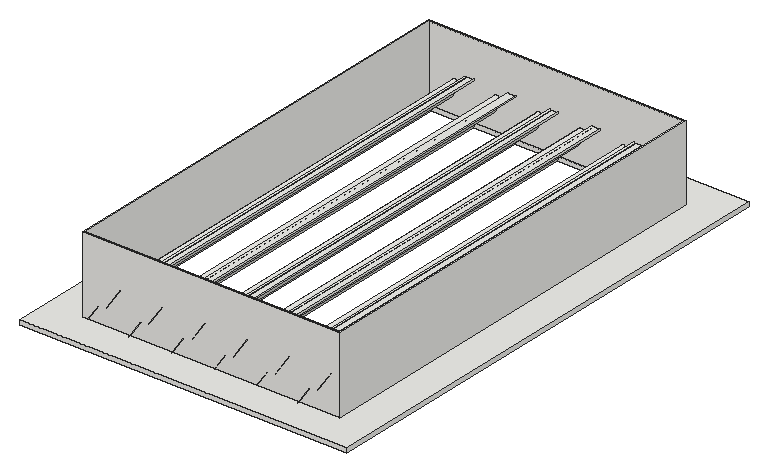
Revit family "MADEL_GRILL_EXTERNAL_BLADE 50_DXT", category Terminales de aire, Revit 2015
Parameters (values of type "DXT+CX 500x300")
  n_factor [instance] = 23.281  # constant formula
  m_factor = 1.8026  # constant formula
  correction_factor = 4.3812 * (log(Afree / 1.0000 m²) / log(2.7183)) + 0.0543  # -9.9354
  c_factor [instance] = 21.736  # constant formula
  b_factor = 0.73101  # constant formula
  Width_Connector = 500.0 mm
  Revit Version = "Revit 2015 - English"  # constant formula
  Review Date = "12/2016"  # constant formula
  R9010 [instance] = no
  Q [instance] = 1288.6 m³/h
  Product Type [instance] = Modelo  # "DXT+CX 500x300"
  Product Size = "500x300"
  Product Reference [instance] = if(not(H > L), if([(T)], if(Nº Options = 1, "DXT+CM (T)", if(PFX, if(Nº Options = 2, "DXT+PFX+CM (T)", "Consult Manufacturer"), "Consult Manufacturer")), if([(P)], if(Nº Options = 1, "DXT+CM (P)", if(PFX, if(Nº Options = 2, "DXT+PFX+CM (P)", "Consult Manufacturer"), "Consult Manufacturer")), "Consult Manufacturer")), if([(T)], if(Nº Options = 1, "EXT+CM (T)", if(PFX, if(Nº Options = 2, "EXT+PFX+CM (T)", "Consult Manufacturer"), "Consult Manufacturer")), if([(P)], if(Nº Options = 1, "EXT+CM (P)", if(PFX, if(Nº Options = 2, "EXT+PFX+CM (P)", "Consult Manufacturer"), "Consult Manufacturer")), "Consult Manufacturer")))  # "DXT+PFX+CM (T)"
  PFX [instance] = yes
  Nº Options [instance] = if([(P)], 1, 0) + if(PFX, 1, 0) + if([(T)], 1, 0)  # 2
  Nº Finishes [instance] = if(NAT, 1, 0) + if(AA, 1, 0) + if(R9010, 1, 0) + if(M9016, 1, 0)  # 1
  Nº  Blades = H / 50.0 mm  # 6
  N_Graphic lines = (H / 40.0 mm) - (L / 1.0 mm) + (L / 1.0 mm)  # 8
  Vmin = 2.5 m/s  # constant formula
  Vmed = 3.5 m/s  # constant formula
  Vmax = 4.5 m/s  # constant formula
  V[m/s] [instance] = Q / Afree / 1.0 m/s  # 3.5
  URL = "http://www.madel.com/en/producto/dxt-external-grilles-blade-50/"
  RAL [instance] = ""
  NAT [instance] = no
  Modelo = "DXT+CX 500x300"
  Material and finishes [instance] = if(and(NAT, Nº Finishes = 1), "NAT", if(and(AA, Nº Finishes = 1), "AA", if(and(M9016, Nº Finishes = 1), "M9016", if(and(R9010, Nº Finishes = 1), "R9010", if(Nº Finishes = 0, "Custom RAL", "Consult Manufacturer")))))  # "M9016"
  Material Grill = MADEL_M9016
  M9016 [instance] = yes
  Lw (dB(A)) [instance] = n_factor * (log([V[m/s]]) / log(2.7183)) + c_factor + correction_factor  # 40.9661
  L3 [instance] = if(PFX, L - 16.0 mm, L - 13.0 mm)  # 484.0 mm
  Height_Connector = 300.0 mm
  H2 = H1 / (N_Graphic lines + 1)  # 31.889 mm
  L1 [instance] = if(PFX, 85.0 mm, 62.0 mm)  # 85.0 mm
  L = 500.0 mm
  Imagen de tipo = (empty or 0)
  IfcExportType = "IfcAirTerminalType"  # constant formula
  IfcExportAs = "IfcAirTerminalType"  # constant formula
  H1 = H - 13.0 mm  # 287.0 mm
  H = 300.0 mm
  Flujo mín. = Vmin * Afree  # 920.43 m³/h
  Flujo máx. = Vmax * Afree  # 1656.77 m³/h
  Fabricante = "MADEL"  # constant formula
  Family Version = "1.0"  # constant formula
  Descripción = "MADEL_External grilles – blade 50"  # constant formula
  DPt [instance] = (10 ^ (log([V[m/s]]) * m_factor + b_factor)) * 1.0 Pa  # 51.4922 Pa
  Comentarios de tipo = "The DXT series grilles are designed to take in air from the exterior or to expel used air. The fixed blades, 50 mm pitch, are designed to prevent rain penetration. They are very strongly built and resistant to aggressive climatic conditions, for outdoor installation."  # constant formula
  Created by = "BIMETRICAL"  # constant formula
  Blade Lenght [instance] = L3  # 484.0 mm
  BIMETRICAL Category = "AirTerminal"  # constant formula
  BIMETRICAL = "http://www.bimetrical.com"  # constant formula
  Afree = ((L - 13.0 mm) * (42.0 mm * (Nº  Blades - 1)))  # 0.10227 m²
  AA [instance] = no
  (T) [instance] = yes
  (P) [instance] = if([(T)], 1 = 0, 1 = 1)  # no
Reference planes
  plane 1 "Centro (Frontal/Posterior)": z = 0
  plane 2: y = 435
  plane 3 "Centro (Izquierda/Derecha)": x = 0
  plane 4: x = -143.5
  plane 5: x = 143.5
  plane 6: y = 193
  plane 7: y = 677
  plane 8: z = 85
  plane 9: z = -5
  plane 10: x = -150.7
Forms (mm)
  Extrusion 1, solid, material "MADEL_M9016" <- "Material Grill", detail levels coarse
    sketch origin (0, 435, 5) x (1, 0, 0) y (0, 0, 1)
      loop
        line (143.5, -10) -> (143.5, 80) -> (-143.5, 80) -> (-143.5, -10) -> (143.5, -10)
    from -242 to 242
  Extrusion 2, solid, material "MADEL_M9016" <- "Material Grill"
    sketch origin (0, -1220, 0) x (1, 0, 0) y (0, 1, 0)
      loop
        line (-183.5, 1373) -> (183.5, 1373) -> (183.5, 1937) -> (-183.5, 1937) -> (-183.5, 1373)
      loop
        line (-143.5, 1897) -> (-143.5, 1413) -> (143.5, 1413) -> (143.5, 1897) -> (-143.5, 1897)
    from -5 to 0
  Extrusion 3, solid, material "MADEL_M9016" <- "Material Grill", detail levels medium+fine
    sketch origin (0, 0, 0) x (1, 0, 0) y (0, 1, 0)
      loop
        line (-143.5, 677) -> (-143.5, 193) -> (143.5, 193) -> (143.5, 677) -> (-143.5, 677)
      loop
        line (-144.7, 678.2) -> (-144.7, 191.8) -> (144.7, 191.8) -> (144.7, 678.2) -> (-144.7, 678.2)
    from 0 to 85
Dimensions and locks
  equal spacing: plane 5, plane 3 "Centro (Izquierda/Derecha)", plane 4
  "H1": plane 5 to plane 4
  equal spacing: plane 7, plane 2, plane 6
  "L3": plane 7 to plane 6
  "L1": plane 8 to plane 1 "Centro (Frontal/Posterior)"
  locked: plane 1 "Centro (Frontal/Posterior)" to plane 9 at 5
  locked: Extrusion 2 sketch curve to plane 4 at 40
  locked: Extrusion 2 sketch curve to plane 7 at 40
  locked: plane 5 to Extrusion 2 sketch curve at 40
  locked: plane 6 to Extrusion 2 sketch curve at 40
  "H2": plane 4 to nested 1
  equal spacing: group 1, group 3, group 4, group 5, group 10, group 12, group 13, group 2  (x3)
  "H2": nested 2 to plane 5
  locked: Extrusion 3 sketch curve to Extrusion 1 at 1.2  (x2)
  locked: Extrusion 1 to Extrusion 3 sketch curve at 1.2  (x2)
  locked: plane 4 to plane 10 at 7.2
  equal spacing: group 6, group 8, group 9, group 11, group 14, group 7  (x3)
  aligned and locked: plane 4 to Extrusion 1 sketch curve
  aligned and locked: Extrusion 1 sketch curve to plane 5
  aligned and locked: plane 8 to Extrusion 1
  aligned and locked: Extrusion 2 sketch curve to plane 7
  aligned and locked: Extrusion 2 sketch curve to plane 6
  aligned and locked: Extrusion 2 sketch curve to plane 4
  aligned and locked: plane 5 to Extrusion 2 sketch curve
  aligned and locked: Extrusion 2 to plane 9
  aligned and locked: Extrusion 2 to plane 1 "Centro (Frontal/Posterior)"
  aligned and locked: Extrusion 1 to plane 6
  aligned and locked: plane 7 to Extrusion 1
  aligned and locked: plane 6 to Extrusion 3 sketch curve
  aligned and locked: Extrusion 3 sketch curve to plane 5
  aligned and locked: plane 4 to Extrusion 3 sketch curve
  aligned and locked: Extrusion 3 sketch curve to plane 7
  aligned and locked: plane 8 to Extrusion 3
  aligned and locked: plane 1 "Centro (Frontal/Posterior)" to Extrusion 3
  aligned and locked: nested 6 to plane 10
  aligned and locked: plane 5 to nested 7
Automatic sketch dimensions
  Extrusion 1 sketch curve to plane 8 = 0.0 mm
  Extrusion 1 sketch curve to level = 5.0 mm
Nested families
  nested 1: "Grafismo Rejilla" at (-111.611, 435, 0) x (0, 1, 0) z (0, 0, 1), LL <- "L3", type "Linea"
    with LL 484.0 mm
  nested 2: "Grafismo Rejilla" at (111.611, 435, 0) x (0, 1, 0) z (0, 0, 1), LL <- "L3", type "Linea"
    with LL 484.0 mm
  nested 3: "Grafismo Rejilla" at (-79.722, 435, 0) x (0, 1, 0) z (0, 0, 1), LL <- "L3", type "Linea"
    with LL 484.0 mm
  nested 4: "Grafismo Rejilla" at (-47.833, 435, 0) x (0, 1, 0) z (0, 0, 1), LL <- "L3", type "Linea"
    with LL 484.0 mm
  nested 5: "Grafismo Rejilla" at (-15.944, 435, 0) x (0, 1, 0) z (0, 0, 1), LL <- "L3", type "Linea"
    with LL 484.0 mm
  nested 6: "MADEL_ALETA FIJA 50 mm" at (-150.7, 435, -6.5) x (0, -1, 0) z (0, 0, 1), Material Aletas <- "Material Grill", Longitud Aleta <- "Blade Lenght", type "MADEL_ALETA FIJA 50 mm", detail levels medium+fine
    with Material Aletas MADEL_M9016, Longitud Aleta 484.0 mm
  nested 7: "MADEL_ALETA FIJA 50 mm" at (86.252, 435, -6.5) x (0, -1, 0) z (0, 0, 1), Material Aletas <- "Material Grill", Longitud Aleta <- "Blade Lenght", type "MADEL_ALETA FIJA 50 mm", detail levels medium+fine
    with Material Aletas MADEL_M9016, Longitud Aleta 484.0 mm
  nested 8: "MADEL_ALETA FIJA 50 mm" at (-103.31, 435, -6.5) x (0, -1, 0) z (0, 0, 1), Material Aletas <- "Material Grill", Longitud Aleta <- "Blade Lenght", type "MADEL_ALETA FIJA 50 mm", detail levels medium+fine
    with Material Aletas MADEL_M9016, Longitud Aleta 484.0 mm
  nested 9: "MADEL_ALETA FIJA 50 mm" at (-55.919, 435, -6.5) x (0, -1, 0) z (0, 0, 1), Material Aletas <- "Material Grill", Longitud Aleta <- "Blade Lenght", type "MADEL_ALETA FIJA 50 mm", detail levels medium+fine
    with Material Aletas MADEL_M9016, Longitud Aleta 484.0 mm
  nested 10: "Grafismo Rejilla" at (15.944, 435, 0) x (0, 1, 0) z (0, 0, 1), LL <- "L3", type "Linea"
    with LL 484.0 mm
  nested 11: "MADEL_ALETA FIJA 50 mm" at (-8.529, 435, -6.5) x (0, -1, 0) z (0, 0, 1), Material Aletas <- "Material Grill", Longitud Aleta <- "Blade Lenght", type "MADEL_ALETA FIJA 50 mm", detail levels medium+fine
    with Material Aletas MADEL_M9016, Longitud Aleta 484.0 mm
  nested 12: "Grafismo Rejilla" at (47.833, 435, 0) x (0, 1, 0) z (0, 0, 1), LL <- "L3", type "Linea"
    with LL 484.0 mm
  nested 13: "Grafismo Rejilla" at (79.722, 435, 0) x (0, 1, 0) z (0, 0, 1), LL <- "L3", type "Linea"
    with LL 484.0 mm
  nested 14: "MADEL_ALETA FIJA 50 mm" at (38.862, 435, -6.5) x (0, -1, 0) z (0, 0, 1), Material Aletas <- "Material Grill", Longitud Aleta <- "Blade Lenght", type "MADEL_ALETA FIJA 50 mm", detail levels medium+fine
    with Material Aletas MADEL_M9016, Longitud Aleta 484.0 mm
Connectors
  hvac at (0, 435, 0), driven by "DPt", driven by "Q", driven by "Height_Connector", driven by "Width_Connector"
    settings: on Extrusion 2, index 2, duct flow 1288.6 m³/h, flow factor 0, pres drop 51.4922 Pa, loss coef 0, conn angle 0.00°, conn width 500 mm, conn height 300 mm, conn diameter 609.6 mm, duct sys type 1, conn prof type 1, flow config 1, flow direction 1, loss method 4, conn ref index -1, conn util no, is conn primary yes, conn desc ""
Definition of nested family "MADEL_ALETA FIJA 50 mm"
  Parameters (values of type "MADEL_ALETA FIJA 50 mm")
    Material Aletas [instance] = none
    Longitud Aleta [instance] = 1000.0 mm
  Reference planes
    plane 1 "Centro (Frontal/Posterior)": y = 0
    plane 2: z = 0
    plane 3 "Centro (Izquierda/Derecha)": x = 0
    plane 4: x = -500
    plane 5: x = 500
  Forms (mm)
    Extrusion 1, solid, material <- "Material Aletas"
      sketch origin (0, 6.801, -8.972) x (0, 1, 0) y (0, 0, 1)
        loop
          line (-6.801, 8.972) -> (1.199, 8.972) -> (17.823, 33.342) -> (25.823, 33.342) -> (42.447, 57.712) -> (50.447, 57.712) -> (50.447, 59.212) -> (41.654, 59.212) -> (34.375, 48.541)
          arc (34.375, 48.541) -> (33.275, 48.142) -> (32.55, 49.059) r 1
          arc (32.55, 49.059) -> (31.337, 51.502) -> (28.715, 52.251) r 3.375
          arc (28.715, 52.251) -> (28.075, 51.405) -> (28.921, 50.765) r 0.75
          arc (28.921, 50.765) -> (30.772, 49.896) -> (30.727, 47.851) r 1.875
          arc (30.727, 47.851) -> (28.84, 47.064) -> (27.355, 48.47) r 1.875
          arc (27.355, 48.47) -> (26.45, 49.024) -> (25.896, 48.12) r 0.75
          arc (25.896, 48.12) -> (27.551, 45.951) -> (30.267, 45.714) r 3.375
          arc (30.267, 45.714) -> (31.386, 45.373) -> (31.416, 44.204) r 1
          line (31.416, 44.204) -> (25.03, 34.842) -> (17.03, 34.842) -> (10.197, 24.826)
          arc (10.197, 24.826) -> (9.098, 24.427) -> (8.372, 25.344) r 1
          arc (8.372, 25.344) -> (7.16, 27.787) -> (4.537, 28.536) r 3.375
          arc (4.537, 28.536) -> (3.897, 27.69) -> (4.743, 27.05) r 0.75
          arc (4.743, 27.05) -> (6.594, 26.181) -> (6.55, 24.136) r 1.875
          arc (6.55, 24.136) -> (4.662, 23.349) -> (3.177, 24.755) r 1.875
          arc (3.177, 24.755) -> (2.273, 25.309) -> (1.719, 24.405) r 0.75
          arc (1.719, 24.405) -> (3.373, 22.236) -> (6.09, 21.999) r 3.375
          arc (6.09, 21.999) -> (7.209, 21.658) -> (7.239, 20.489) r 1
          line (7.239, 20.489) -> (0.406, 10.472) -> (-6.801, 10.472) -> (-6.801, 8.972)
      from -500 to 500
  Dimensions and locks
    equal spacing: plane 4, plane 3 "Centro (Izquierda/Derecha)", plane 5
    "Longitud Aleta": plane 4 to plane 5
    aligned and locked: level to plane 2
    aligned and locked: Extrusion 1 to plane 4
    aligned and locked: plane 5 to Extrusion 1
  Automatic sketch dimensions
    Extrusion 1 sketch curve to Extrusion 1 sketch curve = 0.0 mm  (x32)
    Extrusion 1 sketch curve to plane 1 "Centro (Frontal/Posterior)" = 0.0 mm
    Extrusion 1 sketch curve to level = 0.0 mm
    level to Extrusion 1 sketch curve = 1.5 mm
    Extrusion 1 sketch curve to plane 1 "Centro (Frontal/Posterior)" = 7.207 mm
    Extrusion 1 sketch curve to Extrusion 1 sketch curve = 0.793 mm  (x4)
    Extrusion 1 sketch curve to plane 1 "Centro (Frontal/Posterior)" = 9.25 mm
    Extrusion 1 sketch curve to Extrusion 1 sketch curve = 2.192 mm  (x2)
    Extrusion 1 sketch curve to Extrusion 1 sketch curve = 0.36 mm
    Extrusion 1 sketch curve to Extrusion 1 sketch curve = 1.412 mm  (x2)
    Extrusion 1 sketch curve to Extrusion 1 sketch curve = 0.826 mm  (x4)
    Extrusion 1 sketch curve to Extrusion 1 sketch curve = 4.371 mm  (x2)
    Extrusion 1 sketch curve to Extrusion 1 sketch curve = 6.833 mm
    Extrusion 1 sketch curve to Extrusion 1 sketch curve = 7.207 mm
    Extrusion 1 sketch curve to Extrusion 1 sketch curve = 1.596 mm
    Extrusion 1 sketch curve to Extrusion 1 sketch curve = 2.552 mm
    Extrusion 1 sketch curve to Extrusion 1 sketch curve = 7.279 mm
    Extrusion 1 sketch curve to Extrusion 1 sketch curve = 8.0 mm
    level to Extrusion 1 sketch curve = 11.516 mm
    Extrusion 1 sketch curve to Extrusion 1 sketch curve = 0.564 mm  (x4)
    Extrusion 1 sketch curve to Extrusion 1 sketch curve = 3.528 mm  (x2)
    Extrusion 1 sketch curve to Extrusion 1 sketch curve = 4.337 mm  (x2)
    Extrusion 1 sketch curve to Extrusion 1 sketch curve = 0.613 mm  (x2)
    Extrusion 1 sketch curve to Extrusion 1 sketch curve = 2.6 mm  (x2)
    Extrusion 1 sketch curve to Extrusion 1 sketch curve = 8.516 mm
    Extrusion 1 sketch curve to Extrusion 1 sketch curve = 1.5 mm  (x2)
    Extrusion 1 sketch curve to Extrusion 1 sketch curve = 9.362 mm
    Extrusion 1 sketch curve to Extrusion 1 sketch curve = 9.171 mm
    Extrusion 1 sketch curve to Extrusion 1 sketch curve = 0.729 mm  (x3)
    Extrusion 1 sketch curve to Extrusion 1 sketch curve = 0.103 mm  (x2)
    Extrusion 1 sketch curve to Extrusion 1 sketch curve = 1.549 mm  (x2)
Definition of nested family "Grafismo Rejilla"
  Parameters (values of type "Linea")
    LL [instance] = 1500.0 mm
  Reference planes
    plane 1 "Centro (Frontal/Posterior)": y = 0
    plane 2: z = 0
    plane 3 "Centro (Izquierda/Derecha)": x = 0
  Lines and regions (mm)
    symbolic lines
      curve 1: line (-750, 0, 0) -> (750, 0, 0)
  Dimensions and locks
    "LL": curve 1 to curve 1
    equal spacing: curve 1, plane 3 "Centro (Izquierda/Derecha)", curve 1
    aligned and locked: level to plane 2
  Automatic sketch dimensions
    plane 1 "Centro (Frontal/Posterior)" to curve 1 = 0.0 mm
Types (167, lengths in mm): name | correction_factor | Width_Connector | Q | Product Type | Product Size | Product Reference | Nº  Blades | N_Graphic lines | V[m/s] | Modelo | Lw (dB(A)) | L3 | Height_Connector | H2 | L | H1 | H | Flujo mín. | Flujo máx. | DPt | Blade Lenght | Afree
  DXT+CX 2000x1000 | 2.0739 | 2000.0 | 19978.9 m³/h | "DXT+CX 2000x1000" | "2000x1000" | "DXT+PFX+CM (T)" | 20 | 25 | 3.5 | "DXT+CX 2000x1000" | 52.9755 | 1984.0 | 1000.0 | 37.962 | 2000.0 | 987.0 | 1000.0 | 14270.6 m³/h | 25687.1 m³/h | 51.4922 Pa | 1984.0 | 1.58563 m²
  DXT+CX 2000x900 | 1.5866 | 2000.0 | 17875.8 m³/h | "DXT+CX 2000x900" | "2000x900" | "DXT+PFX+CM (T)" | 18 | 23 | 3.5 | "DXT+CX 2000x900" | 52.4882 | 1984.0 | 900.0 | 36.958 | 2000.0 | 887.0 | 900.0 | 12768.5 m³/h | 22983.2 m³/h | 51.4922 Pa | 1984.0 | 1.41872 m²
  DXT+CX 2000x800 | 1.0383 | 2000.0 | 15772.8 m³/h | "DXT+CX 2000x800" | "2000x800" | "DXT+PFX+CM (T)" | 16 | 20 | 3.5 | "DXT+CX 2000x800" | 51.9398 | 1984.0 | 800.0 | 37.476 | 2000.0 | 787.0 | 800.0 | 11266.3 m³/h | 20279.3 m³/h | 51.4922 Pa | 1984.0 | 1.25181 m²
  DXT+CX 2000x700 | 0.41132 | 2000.0 | 13669.8 m³/h | "DXT+CX 2000x700" | "2000x700" | "DXT+PFX+CM (T)" | 14 | 18 | 3.5 | "DXT+CX 2000x700" | 51.3129 | 1984.0 | 700.0 | 36.158 | 2000.0 | 687.0 | 700.0 | 9764.12 m³/h | 17575.4 m³/h | 51.4922 Pa | 1984.0 | 1.0849 m²
  DXT+CX 2000x600 | -0.32057 | 2000.0 | 11566.7 m³/h | "DXT+CX 2000x600" | "2000x600" | "DXT+PFX+CM (T)" | 12 | 15 | 3.5 | "DXT+CX 2000x600" | 50.581 | 1984.0 | 600.0 | 36.688 | 2000.0 | 587.0 | 600.0 | 8261.95 m³/h | 14871.5 m³/h | 51.4922 Pa | 1984.0 | 0.917994 m²
  DXT+CX 2000x500 | -1.1998 | 2000.0 | 9463.68 m³/h | "DXT+CX 2000x500" | "2000x500" | "DXT+PFX+CM (T)" | 10 | 13 | 3.5 | "DXT+CX 2000x500" | 49.7018 | 1984.0 | 500.0 | 34.786 | 2000.0 | 487.0 | 500.0 | 6759.77 m³/h | 12167.6 m³/h | 51.4922 Pa | 1984.0 | 0.751086 m²
  DXT+CX 2000x400 | -2.3008 | 2000.0 | 7360.64 m³/h | "DXT+CX 2000x400" | "2000x400" | "DXT+PFX+CM (T)" | 8 | 10 | 3.5 | "DXT+CX 2000x400" | 48.6008 | 1984.0 | 400.0 | 35.182 | 2000.0 | 387.0 | 400.0 | 5257.6 m³/h | 9463.68 m³/h | 51.4922 Pa | 1984.0 | 0.584178 m²
  DXT+CX 1750x1000 | 1.4848 | 1750.0 | 17465.2 m³/h | "DXT+CX 1750x1000" | "1750x1000" | "DXT+PFX+CM (T)" | 20 | 25 | 3.5 | "DXT+CX 1750x1000" | 52.3864 | 1734.0 | 1000.0 | 37.962 | 1750.0 | 987.0 | 1000.0 | 12475.1 m³/h | 22455.2 m³/h | 51.4922 Pa | 1734.0 | 1.38613 m²
  DXT+CX 1750x900 | 0.99752 | 1750.0 | 15626.7 m³/h | "DXT+CX 1750x900" | "1750x900" | "DXT+PFX+CM (T)" | 18 | 23 | 3.5 | "DXT+CX 1750x900" | 51.8991 | 1734.0 | 900.0 | 36.958 | 1750.0 | 887.0 | 900.0 | 11162 m³/h | 20091.5 m³/h | 51.4922 Pa | 1734.0 | 1.24022 m²
  DXT+CX 1750x800 | 0.44915 | 1750.0 | 13788.3 m³/h | "DXT+CX 1750x800" | "1750x800" | "DXT+PFX+CM (T)" | 16 | 20 | 3.5 | "DXT+CX 1750x800" | 51.3507 | 1734.0 | 800.0 | 37.476 | 1750.0 | 787.0 | 800.0 | 9848.79 m³/h | 17727.8 m³/h | 51.4922 Pa | 1734.0 | 1.09431 m²
  DXT+CX 1750x700 | -0.1778 | 1750.0 | 11949.9 m³/h | "DXT+CX 1750x700" | "1750x700" | "DXT+PFX+CM (T)" | 14 | 18 | 3.5 | "DXT+CX 1750x700" | 50.7238 | 1734.0 | 700.0 | 36.158 | 1750.0 | 687.0 | 700.0 | 8535.62 m³/h | 15364.1 m³/h | 51.4922 Pa | 1734.0 | 0.948402 m²
  DXT+CX 1750x600 | -0.9097 | 1750.0 | 10111.4 m³/h | "DXT+CX 1750x600" | "1750x600" | "DXT+PFX+CM (T)" | 12 | 15 | 3.5 | "DXT+CX 1750x600" | 49.9919 | 1734.0 | 600.0 | 36.688 | 1750.0 | 587.0 | 600.0 | 7222.45 m³/h | 13000.4 m³/h | 51.4922 Pa | 1734.0 | 0.802494 m²
  DXT+CX 1750x500 | -1.7889 | 1750.0 | 8272.98 m³/h | "DXT+CX 1750x500" | "1750x500" | "DXT+PFX+CM (T)" | 10 | 13 | 3.5 | "DXT+CX 1750x500" | 49.1127 | 1734.0 | 500.0 | 34.786 | 1750.0 | 487.0 | 500.0 | 5909.27 m³/h | 10636.7 m³/h | 51.4922 Pa | 1734.0 | 0.656586 m²
  DXT+CX 1750x400 | -2.8899 | 1750.0 | 6434.54 m³/h | "DXT+CX 1750x400" | "1750x400" | "DXT+PFX+CM (T)" | 8 | 10 | 3.5 | "DXT+CX 1750x400" | 48.0116 | 1734.0 | 400.0 | 35.182 | 1750.0 | 387.0 | 400.0 | 4596.1 m³/h | 8272.98 m³/h | 51.4922 Pa | 1734.0 | 0.510678 m²
  DXT+CX 1500x1000 | 0.80398 | 1500.0 | 14951.5 m³/h | "DXT+CX 1500x1000" | "1500x1000" | "DXT+PFX+CM (T)" | 20 | 25 | 3.5 | "DXT+CX 1500x1000" | 51.7056 | 1484.0 | 1000.0 | 37.962 | 1500.0 | 987.0 | 1000.0 | 10679.6 m³/h | 19223.3 m³/h | 51.4922 Pa | 1484.0 | 1.18663 m²
  DXT+CX 1500x900 | 0.31668 | 1500.0 | 13377.6 m³/h | "DXT+CX 1500x900" | "1500x900" | "DXT+PFX+CM (T)" | 18 | 23 | 3.5 | "DXT+CX 1500x900" | 51.2183 | 1484.0 | 900.0 | 36.958 | 1500.0 | 887.0 | 900.0 | 9555.46 m³/h | 17199.8 m³/h | 51.4922 Pa | 1484.0 | 1.06172 m²
  DXT+CX 1500x800 | -0.23168 | 1500.0 | 11803.8 m³/h | "DXT+CX 1500x800" | "1500x800" | "DXT+PFX+CM (T)" | 16 | 20 | 3.5 | "DXT+CX 1500x800" | 50.6699 | 1484.0 | 800.0 | 37.476 | 1500.0 | 787.0 | 800.0 | 8431.29 m³/h | 15176.3 m³/h | 51.4922 Pa | 1484.0 | 0.93681 m²
  DXT+CX 1500x700 | -0.85864 | 1500.0 | 10230 m³/h | "DXT+CX 1500x700" | "1500x700" | "DXT+PFX+CM (T)" | 14 | 18 | 3.5 | "DXT+CX 1500x700" | 50.0429 | 1484.0 | 700.0 | 36.158 | 1500.0 | 687.0 | 700.0 | 7307.12 m³/h | 13152.8 m³/h | 51.4922 Pa | 1484.0 | 0.811902 m²
  DXT+CX 1500x600 | -1.5905 | 1500.0 | 8656.12 m³/h | "DXT+CX 1500x600" | "1500x600" | "DXT+PFX+CM (T)" | 12 | 15 | 3.5 | "DXT+CX 1500x600" | 49.311 | 1484.0 | 600.0 | 36.688 | 1500.0 | 587.0 | 600.0 | 6182.95 m³/h | 11129.3 m³/h | 51.4922 Pa | 1484.0 | 0.686994 m²
  DXT+CX 1500x500 | -2.4697 | 1500.0 | 7082.28 m³/h | "DXT+CX 1500x500" | "1500x500" | "DXT+PFX+CM (T)" | 10 | 13 | 3.5 | "DXT+CX 1500x500" | 48.4319 | 1484.0 | 500.0 | 34.786 | 1500.0 | 487.0 | 500.0 | 5058.77 m³/h | 9105.79 m³/h | 51.4922 Pa | 1484.0 | 0.562086 m²
  DXT+CX 1500x400 | -3.5708 | 1500.0 | 5508.44 m³/h | "DXT+CX 1500x400" | "1500x400" | "DXT+PFX+CM (T)" | 8 | 10 | 3.5 | "DXT+CX 1500x400" | 47.3308 | 1484.0 | 400.0 | 35.182 | 1500.0 | 387.0 | 400.0 | 3934.6 m³/h | 7082.28 m³/h | 51.4922 Pa | 1484.0 | 0.437178 m²
  DXT+CX 1500x300 | -5.0449 | 1500.0 | 3934.6 m³/h | "DXT+CX 1500x300" | "1500x300" | "DXT+PFX+CM (T)" | 6 | 8 | 3.5 | "DXT+CX 1500x300" | 45.8567 | 1484.0 | 300.0 | 31.889 | 1500.0 | 287.0 | 300.0 | 2810.43 m³/h | 5058.77 m³/h | 51.4922 Pa | 1484.0 | 0.31227 m²
  DXT+CX 1500x200 | -7.283 | 1500.0 | 2360.76 m³/h | "DXT+CX 1500x200" | "1500x200" | "DXT+PFX+CM (T)" | 4 | 5 | 3.5 | "DXT+CX 1500x200" | 43.6186 | 1484.0 | 200.0 | 31.167 | 1500.0 | 187.0 | 200.0 | 1686.26 m³/h | 3035.26 m³/h | 51.4922 Pa | 1484.0 | 0.187362 m²
  DXT+CX 1250x900 | -0.48977 | 1250.0 | 11128.5 m³/h | "DXT+CX 1250x900" | "1250x900" | "DXT+PFX+CM (T)" | 18 | 23 | 3.5 | "DXT+CX 1250x900" | 50.4118 | 1234.0 | 900.0 | 36.958 | 1250.0 | 887.0 | 900.0 | 7948.96 m³/h | 14308.1 m³/h | 51.4922 Pa | 1234.0 | 0.883218 m²
  DXT+CX 1250x800 | -1.0381 | 1250.0 | 9819.31 m³/h | "DXT+CX 1250x800" | "1250x800" | "DXT+PFX+CM (T)" | 16 | 20 | 3.5 | "DXT+CX 1250x800" | 49.8634 | 1234.0 | 800.0 | 37.476 | 1250.0 | 787.0 | 800.0 | 7013.79 m³/h | 12624.8 m³/h | 51.4922 Pa | 1234.0 | 0.77931 m²
  DXT+CX 1250x700 | -1.6651 | 1250.0 | 8510.07 m³/h | "DXT+CX 1250x700" | "1250x700" | "DXT+PFX+CM (T)" | 14 | 18 | 3.5 | "DXT+CX 1250x700" | 49.2365 | 1234.0 | 700.0 | 36.158 | 1250.0 | 687.0 | 700.0 | 6078.62 m³/h | 10941.5 m³/h | 51.4922 Pa | 1234.0 | 0.675402 m²
  DXT+CX 1250x600 | -2.397 | 1250.0 | 7200.82 m³/h | "DXT+CX 1250x600" | "1250x600" | "DXT+PFX+CM (T)" | 12 | 15 | 3.5 | "DXT+CX 1250x600" | 48.5046 | 1234.0 | 600.0 | 36.688 | 1250.0 | 587.0 | 600.0 | 5143.45 m³/h | 9258.2 m³/h | 51.4922 Pa | 1234.0 | 0.571494 m²
  DXT+CX 1250x500 | -3.2762 | 1250.0 | 5891.58 m³/h | "DXT+CX 1250x500" | "1250x500" | "DXT+PFX+CM (T)" | 10 | 13 | 3.5 | "DXT+CX 1250x500" | 47.6254 | 1234.0 | 500.0 | 34.786 | 1250.0 | 487.0 | 500.0 | 4208.27 m³/h | 7574.89 m³/h | 51.4922 Pa | 1234.0 | 0.467586 m²
  DXT+CX 1250x400 | -4.3772 | 1250.0 | 4582.34 m³/h | "DXT+CX 1250x400" | "1250x400" | "DXT+PFX+CM (T)" | 8 | 10 | 3.5 | "DXT+CX 1250x400" | 46.5243 | 1234.0 | 400.0 | 35.182 | 1250.0 | 387.0 | 400.0 | 3273.1 m³/h | 5891.58 m³/h | 51.4922 Pa | 1234.0 | 0.363678 m²
  DXT+CX 1250x300 | -5.8514 | 1250.0 | 3273.1 m³/h | "DXT+CX 1250x300" | "1250x300" | "DXT+PFX+CM (T)" | 6 | 8 | 3.5 | "DXT+CX 1250x300" | 45.0502 | 1234.0 | 300.0 | 31.889 | 1250.0 | 287.0 | 300.0 | 2337.93 m³/h | 4208.27 m³/h | 51.4922 Pa | 1234.0 | 0.25977 m²
  DXT+CX 1250x200 | -8.0894 | 1250.0 | 1963.86 m³/h | "DXT+CX 1250x200" | "1250x200" | "DXT+PFX+CM (T)" | 4 | 5 | 3.5 | "DXT+CX 1250x200" | 42.8122 | 1234.0 | 200.0 | 31.167 | 1250.0 | 187.0 | 200.0 | 1402.76 m³/h | 2524.96 m³/h | 51.4922 Pa | 1234.0 | 0.155862 m²
  DXT+CX 1250x1000 | -0.0024698 | 1250.0 | 12437.8 m³/h | "DXT+CX 1250x1000" | "1250x1000" | "DXT+PFX+CM (T)" | 20 | 25 | 3.5 | "DXT+CX 1250x1000" | 50.8991 | 1234.0 | 1000.0 | 37.962 | 1250.0 | 987.0 | 1000.0 | 8884.13 m³/h | 15991.4 m³/h | 51.4922 Pa | 1234.0 | 0.987126 m²
  DXT+CX 1000x1000 | -0.99163 | 1000.0 | 9924.09 m³/h | "DXT+CX 1000x1000" | "1000x1000" | "DXT+PFX+CM (T)" | 20 | 25 | 3.5 | "DXT+CX 1000x1000" | 49.9099 | 984.0 | 1000.0 | 37.962 | 1000.0 | 987.0 | 1000.0 | 7088.63 m³/h | 12759.5 m³/h | 51.4922 Pa | 984.0 | 0.787626 m²
  DXT+CX 1000x900 | -1.4789 | 1000.0 | 8879.45 m³/h | "DXT+CX 1000x900" | "1000x900" | "DXT+PFX+CM (T)" | 18 | 23 | 3.5 | "DXT+CX 1000x900" | 49.4226 | 984.0 | 900.0 | 36.958 | 1000.0 | 887.0 | 900.0 | 6342.46 m³/h | 11416.4 m³/h | 51.4922 Pa | 984.0 | 0.704718 m²
  DXT+CX 1000x800 | -2.0273 | 1000.0 | 7834.81 m³/h | "DXT+CX 1000x800" | "1000x800" | "DXT+PFX+CM (T)" | 16 | 20 | 3.5 | "DXT+CX 1000x800" | 48.8743 | 984.0 | 800.0 | 37.476 | 1000.0 | 787.0 | 800.0 | 5596.29 m³/h | 10073.3 m³/h | 51.4922 Pa | 984.0 | 0.62181 m²
  DXT+CX 1000x700 | -2.6543 | 1000.0 | 6790.17 m³/h | "DXT+CX 1000x700" | "1000x700" | "DXT+PFX+CM (T)" | 14 | 18 | 3.5 | "DXT+CX 1000x700" | 48.2473 | 984.0 | 700.0 | 36.158 | 1000.0 | 687.0 | 700.0 | 4850.12 m³/h | 8730.21 m³/h | 51.4922 Pa | 984.0 | 0.538902 m²
  DXT+CX 1000x600 | -3.3861 | 1000.0 | 5745.52 m³/h | "DXT+CX 1000x600" | "1000x600" | "DXT+PFX+CM (T)" | 12 | 15 | 3.5 | "DXT+CX 1000x600" | 47.5154 | 984.0 | 600.0 | 36.688 | 1000.0 | 587.0 | 600.0 | 4103.95 m³/h | 7387.1 m³/h | 51.4922 Pa | 984.0 | 0.455994 m²
  DXT+CX 1000x500 | -4.2653 | 1000.0 | 4700.88 m³/h | "DXT+CX 1000x500" | "1000x500" | "DXT+PFX+CM (T)" | 10 | 13 | 3.5 | "DXT+CX 1000x500" | 46.6362 | 984.0 | 500.0 | 34.786 | 1000.0 | 487.0 | 500.0 | 3357.77 m³/h | 6043.99 m³/h | 51.4922 Pa | 984.0 | 0.373086 m²
  DXT+CX 1000x400 | -5.3664 | 1000.0 | 3656.24 m³/h | "DXT+CX 1000x400" | "1000x400" | "DXT+PFX+CM (T)" | 8 | 10 | 3.5 | "DXT+CX 1000x400" | 45.5352 | 984.0 | 400.0 | 35.182 | 1000.0 | 387.0 | 400.0 | 2611.6 m³/h | 4700.88 m³/h | 51.4922 Pa | 984.0 | 0.290178 m²
  DXT+CX 1000x300 | -6.8405 | 1000.0 | 2611.6 m³/h | "DXT+CX 1000x300" | "1000x300" | "DXT+PFX+CM (T)" | 6 | 8 | 3.5 | "DXT+CX 1000x300" | 44.061 | 984.0 | 300.0 | 31.889 | 1000.0 | 287.0 | 300.0 | 1865.43 m³/h | 3357.77 m³/h | 51.4922 Pa | 984.0 | 0.20727 m²
  DXT+CX 1000x250 | -7.8182 | 1000.0 | 2089.28 m³/h | "DXT+CX 1000x250" | "1000x250" | "DXT+PFX+CM (T)" | 5 | 6 | 3.5 | "DXT+CX 1000x250" | 43.0834 | 984.0 | 250.0 | 33.857 | 1000.0 | 237.0 | 250.0 | 1492.34 m³/h | 2686.22 m³/h | 51.4922 Pa | 984.0 | 0.165816 m²
  EXT+CX 1000x900 | -1.4597 | 900.0 | 8918.61 m³/h | "EXT+CX 1000x900" | "900x1000" | "EXT+PFX+CM (T)" | 20 | 25 | 3.5 | "EXT+CX 1000x900" | 49.4419 | 884.0 | 1000.0 | 37.962 | 900.0 | 987.0 | 1000.0 | 6370.43 m³/h | 11466.8 m³/h | 51.4922 Pa | 884.0 | 0.707826 m²
  DXT+CX 900x900 | -1.947 | 900.0 | 7979.81 m³/h | "DXT+CX 900x900" | "900x900" | "DXT+PFX+CM (T)" | 18 | 23 | 3.5 | "DXT+CX 900x900" | 48.9546 | 884.0 | 900.0 | 36.958 | 900.0 | 887.0 | 900.0 | 5699.86 m³/h | 10259.8 m³/h | 51.4922 Pa | 884.0 | 0.633318 m²
  DXT+CX 900x800 | -2.4953 | 900.0 | 7041.01 m³/h | "DXT+CX 900x800" | "900x800" | "DXT+PFX+CM (T)" | 16 | 20 | 3.5 | "DXT+CX 900x800" | 48.4063 | 884.0 | 800.0 | 37.476 | 900.0 | 787.0 | 800.0 | 5029.29 m³/h | 9052.72 m³/h | 51.4922 Pa | 884.0 | 0.55881 m²
  DXT+CX 900x700 | -3.1223 | 900.0 | 6102.21 m³/h | "DXT+CX 900x700" | "900x700" | "DXT+PFX+CM (T)" | 14 | 18 | 3.5 | "DXT+CX 900x700" | 47.7793 | 884.0 | 700.0 | 36.158 | 900.0 | 687.0 | 700.0 | 4358.72 m³/h | 7845.69 m³/h | 51.4922 Pa | 884.0 | 0.484302 m²
  DXT+CX 900x600 | -3.8542 | 900.0 | 5163.4 m³/h | "DXT+CX 900x600" | "900x600" | "DXT+PFX+CM (T)" | 12 | 15 | 3.5 | "DXT+CX 900x600" | 47.0474 | 884.0 | 600.0 | 36.688 | 900.0 | 587.0 | 600.0 | 3688.15 m³/h | 6638.66 m³/h | 51.4922 Pa | 884.0 | 0.409794 m²
  DXT+CX 900x500 | -4.7333 | 900.0 | 4224.6 m³/h | "DXT+CX 900x500" | "900x500" | "DXT+PFX+CM (T)" | 10 | 13 | 3.5 | "DXT+CX 900x500" | 46.1682 | 884.0 | 500.0 | 34.786 | 900.0 | 487.0 | 500.0 | 3017.57 m³/h | 5431.63 m³/h | 51.4922 Pa | 884.0 | 0.335286 m²
  DXT+CX 900x400 | -5.8344 | 900.0 | 3285.8 m³/h | "DXT+CX 900x400" | "900x400" | "DXT+PFX+CM (T)" | 8 | 10 | 3.5 | "DXT+CX 900x400" | 45.0672 | 884.0 | 400.0 | 35.182 | 900.0 | 387.0 | 400.0 | 2347 m³/h | 4224.6 m³/h | 51.4922 Pa | 884.0 | 0.260778 m²
  DXT+CX 900x300 | -7.3086 | 900.0 | 2347 m³/h | "DXT+CX 900x300" | "900x300" | "DXT+PFX+CM (T)" | 6 | 8 | 3.5 | "DXT+CX 900x300" | 43.593 | 884.0 | 300.0 | 31.889 | 900.0 | 287.0 | 300.0 | 1676.43 m³/h | 3017.57 m³/h | 51.4922 Pa | 884.0 | 0.18627 m²
  DXT+CX 900x200 | -9.5466 | 900.0 | 1408.2 m³/h | "DXT+CX 900x200" | "900x200" | "DXT+PFX+CM (T)" | 4 | 5 | 3.5 | "DXT+CX 900x200" | 41.355 | 884.0 | 200.0 | 31.167 | 900.0 | 187.0 | 200.0 | 1005.86 m³/h | 1810.54 m³/h | 51.4922 Pa | 884.0 | 0.111762 m²
  EXT+CX 1000x800 | -1.9837 | 800.0 | 7913.13 m³/h | "EXT+CX 1000x800" | "800x1000" | "EXT+PFX+CM (T)" | 20 | 25 | 3.5 | "EXT+CX 1000x800" | 48.9179 | 784.0 | 1000.0 | 37.962 | 800.0 | 987.0 | 1000.0 | 5652.23 m³/h | 10174 m³/h | 51.4922 Pa | 784.0 | 0.628026 m²
  EXT+CX 900x800 | -2.471 | 800.0 | 7080.17 m³/h | "EXT+CX 900x800" | "800x900" | "EXT+PFX+CM (T)" | 18 | 23 | 3.5 | "EXT+CX 900x800" | 48.4306 | 784.0 | 900.0 | 36.958 | 800.0 | 887.0 | 900.0 | 5057.26 m³/h | 9103.07 m³/h | 51.4922 Pa | 784.0 | 0.561918 m²
  DXT+CX 800x800 | -3.0194 | 800.0 | 6247.21 m³/h | "DXT+CX 800x800" | "800x800" | "DXT+PFX+CM (T)" | 16 | 20 | 3.5 | "DXT+CX 800x800" | 47.8822 | 784.0 | 800.0 | 37.476 | 800.0 | 787.0 | 800.0 | 4462.29 m³/h | 8032.12 m³/h | 51.4922 Pa | 784.0 | 0.49581 m²
  DXT+CX 800x700 | -3.6463 | 800.0 | 5414.25 m³/h | "DXT+CX 800x700" | "800x700" | "DXT+PFX+CM (T)" | 14 | 18 | 3.5 | "DXT+CX 800x700" | 47.2552 | 784.0 | 700.0 | 36.158 | 800.0 | 687.0 | 700.0 | 3867.32 m³/h | 6961.17 m³/h | 51.4922 Pa | 784.0 | 0.429702 m²
  DXT+CX 800x600 | -4.3782 | 800.0 | 4581.28 m³/h | "DXT+CX 800x600" | "800x600" | "DXT+PFX+CM (T)" | 12 | 15 | 3.5 | "DXT+CX 800x600" | 46.5233 | 784.0 | 600.0 | 36.688 | 800.0 | 587.0 | 600.0 | 3272.35 m³/h | 5890.22 m³/h | 51.4922 Pa | 784.0 | 0.363594 m²
  DXT+CX 800x500 | -5.2574 | 800.0 | 3748.32 m³/h | "DXT+CX 800x500" | "800x500" | "DXT+PFX+CM (T)" | 10 | 13 | 3.5 | "DXT+CX 800x500" | 45.6442 | 784.0 | 500.0 | 34.786 | 800.0 | 487.0 | 500.0 | 2677.37 m³/h | 4819.27 m³/h | 51.4922 Pa | 784.0 | 0.297486 m²
  DXT+CX 800x400 | -6.3585 | 800.0 | 2915.36 m³/h | "DXT+CX 800x400" | "800x400" | "DXT+PFX+CM (T)" | 8 | 10 | 3.5 | "DXT+CX 800x400" | 44.5431 | 784.0 | 400.0 | 35.182 | 800.0 | 387.0 | 400.0 | 2082.4 m³/h | 3748.32 m³/h | 51.4922 Pa | 784.0 | 0.231378 m²
  DXT+CX 800x300 | -7.8326 | 800.0 | 2082.4 m³/h | "DXT+CX 800x300" | "800x300" | "DXT+PFX+CM (T)" | 6 | 8 | 3.5 | "DXT+CX 800x300" | 43.0689 | 784.0 | 300.0 | 31.889 | 800.0 | 287.0 | 300.0 | 1487.43 m³/h | 2677.37 m³/h | 51.4922 Pa | 784.0 | 0.16527 m²
  DXT+CX 800x200 | -10.0707 | 800.0 | 1249.44 m³/h | "DXT+CX 800x200" | "800x200" | "DXT+PFX+CM (T)" | 4 | 5 | 3.5 | "DXT+CX 800x200" | 40.8309 | 784.0 | 200.0 | 31.167 | 800.0 | 187.0 | 200.0 | 892.458 m³/h | 1606.42 m³/h | 51.4922 Pa | 784.0 | 0.099162 m²
  EXT+CX 1000x700 | -2.5791 | 700.0 | 6907.65 m³/h | "EXT+CX 1000x700" | "700x1000" | "EXT+PFX+CM (T)" | 20 | 25 | 3.5 | "EXT+CX 1000x700" | 48.3225 | 684.0 | 1000.0 | 37.962 | 700.0 | 987.0 | 1000.0 | 4934.03 m³/h | 8881.26 m³/h | 51.4922 Pa | 684.0 | 0.548226 m²
  EXT+CX 900x700 | -3.0664 | 700.0 | 6180.53 m³/h | "EXT+CX 900x700" | "700x900" | "EXT+PFX+CM (T)" | 18 | 23 | 3.5 | "EXT+CX 900x700" | 47.8352 | 684.0 | 900.0 | 36.958 | 700.0 | 887.0 | 900.0 | 4414.66 m³/h | 7946.39 m³/h | 51.4922 Pa | 684.0 | 0.490518 m²
  EXT+CX 800x700 | -3.6148 | 700.0 | 5453.41 m³/h | "EXT+CX 800x700" | "700x800" | "EXT+PFX+CM (T)" | 16 | 20 | 3.5 | "EXT+CX 800x700" | 47.2868 | 684.0 | 800.0 | 37.476 | 700.0 | 787.0 | 800.0 | 3895.29 m³/h | 7011.52 m³/h | 51.4922 Pa | 684.0 | 0.43281 m²
  DXT+CX 700x700 | -4.2417 | 700.0 | 4726.29 m³/h | "DXT+CX 700x700" | "700x700" | "DXT+PFX+CM (T)" | 14 | 18 | 3.5 | "DXT+CX 700x700" | 46.6599 | 684.0 | 700.0 | 36.158 | 700.0 | 687.0 | 700.0 | 3375.92 m³/h | 6076.65 m³/h | 51.4922 Pa | 684.0 | 0.375102 m²
  DXT+CX 700x600 | -4.9736 | 700.0 | 3999.16 m³/h | "DXT+CX 700x600" | "700x600" | "DXT+PFX+CM (T)" | 12 | 15 | 3.5 | "DXT+CX 700x600" | 45.928 | 684.0 | 600.0 | 36.688 | 700.0 | 587.0 | 600.0 | 2856.55 m³/h | 5141.78 m³/h | 51.4922 Pa | 684.0 | 0.317394 m²
  DXT+CX 700x500 | -5.8528 | 700.0 | 3272.04 m³/h | "DXT+CX 700x500" | "700x500" | "DXT+PFX+CM (T)" | 10 | 13 | 3.5 | "DXT+CX 700x500" | 45.0488 | 684.0 | 500.0 | 34.786 | 700.0 | 487.0 | 500.0 | 2337.17 m³/h | 4206.91 m³/h | 51.4922 Pa | 684.0 | 0.259686 m²
  DXT+CX 700x400 | -6.9539 | 700.0 | 2544.92 m³/h | "DXT+CX 700x400" | "700x400" | "DXT+PFX+CM (T)" | 8 | 10 | 3.5 | "DXT+CX 700x400" | 43.9477 | 684.0 | 400.0 | 35.182 | 700.0 | 387.0 | 400.0 | 1817.8 m³/h | 3272.04 m³/h | 51.4922 Pa | 684.0 | 0.201978 m²
  DXT+CX 700x300 | -8.428 | 700.0 | 1817.8 m³/h | "DXT+CX 700x300" | "700x300" | "DXT+PFX+CM (T)" | 6 | 8 | 3.5 | "DXT+CX 700x300" | 42.4736 | 684.0 | 300.0 | 31.889 | 700.0 | 287.0 | 300.0 | 1298.43 m³/h | 2337.17 m³/h | 51.4922 Pa | 684.0 | 0.14427 m²
  DXT+CX 700x200 | -10.666 | 700.0 | 1090.68 m³/h | "DXT+CX 700x200" | "700x200" | "DXT+PFX+CM (T)" | 4 | 5 | 3.5 | "DXT+CX 700x200" | 40.2355 | 684.0 | 200.0 | 31.167 | 700.0 | 187.0 | 200.0 | 779.058 m³/h | 1402.3 m³/h | 51.4922 Pa | 684.0 | 0.086562 m²
  EXT+CX 1000x600 | -3.2683 | 600.0 | 5902.17 m³/h | "EXT+CX 1000x600" | "600x1000" | "EXT+PFX+CM (T)" | 20 | 25 | 3.5 | "EXT+CX 1000x600" | 47.6333 | 584.0 | 1000.0 | 37.962 | 600.0 | 987.0 | 1000.0 | 4215.83 m³/h | 7588.5 m³/h | 51.4922 Pa | 584.0 | 0.468426 m²
  EXT+CX 900x600 | -3.7556 | 600.0 | 5280.89 m³/h | "EXT+CX 900x600" | "600x900" | "EXT+PFX+CM (T)" | 18 | 23 | 3.5 | "EXT+CX 900x600" | 47.146 | 584.0 | 900.0 | 36.958 | 600.0 | 887.0 | 900.0 | 3772.06 m³/h | 6789.71 m³/h | 51.4922 Pa | 584.0 | 0.419118 m²
  EXT+CX 800x600 | -4.304 | 600.0 | 4659.61 m³/h | "EXT+CX 800x600" | "600x800" | "EXT+PFX+CM (T)" | 16 | 20 | 3.5 | "EXT+CX 800x600" | 46.5976 | 584.0 | 800.0 | 37.476 | 600.0 | 787.0 | 800.0 | 3328.29 m³/h | 5990.92 m³/h | 51.4922 Pa | 584.0 | 0.36981 m²
  EXT+CX 700x600 | -4.9309 | 600.0 | 4038.33 m³/h | "EXT+CX 700x600" | "600x700" | "EXT+PFX+CM (T)" | 14 | 18 | 3.5 | "EXT+CX 700x600" | 45.9707 | 584.0 | 700.0 | 36.158 | 600.0 | 687.0 | 700.0 | 2884.52 m³/h | 5192.13 m³/h | 51.4922 Pa | 584.0 | 0.320502 m²
  DXT+CX 600x600 | -5.6628 | 600.0 | 3417.04 m³/h | "DXT+CX 600x600" | "600x600" | "DXT+PFX+CM (T)" | 12 | 15 | 3.5 | "DXT+CX 600x600" | 45.2388 | 584.0 | 600.0 | 36.688 | 600.0 | 587.0 | 600.0 | 2440.75 m³/h | 4393.34 m³/h | 51.4922 Pa | 584.0 | 0.271194 m²
  DXT+CX 600x500 | -6.542 | 600.0 | 2795.76 m³/h | "DXT+CX 600x500" | "600x500" | "DXT+PFX+CM (T)" | 10 | 13 | 3.5 | "DXT+CX 600x500" | 44.3596 | 584.0 | 500.0 | 34.786 | 600.0 | 487.0 | 500.0 | 1996.97 m³/h | 3594.55 m³/h | 51.4922 Pa | 584.0 | 0.221886 m²
  DXT+CX 600x400 | -7.6431 | 600.0 | 2174.48 m³/h | "DXT+CX 600x400" | "600x400" | "DXT+PFX+CM (T)" | 8 | 10 | 3.5 | "DXT+CX 600x400" | 43.2585 | 584.0 | 400.0 | 35.182 | 600.0 | 387.0 | 400.0 | 1553.2 m³/h | 2795.76 m³/h | 51.4922 Pa | 584.0 | 0.172578 m²
  DXT+CX 600x300 | -9.1172 | 600.0 | 1553.2 m³/h | "DXT+CX 600x300" | "600x300" | "DXT+PFX+CM (T)" | 6 | 8 | 3.5 | "DXT+CX 600x300" | 41.7844 | 584.0 | 300.0 | 31.889 | 600.0 | 287.0 | 300.0 | 1109.43 m³/h | 1996.97 m³/h | 51.4922 Pa | 584.0 | 0.12327 m²
  DXT+CX 600x200 | -11.3552 | 600.0 | 931.921 m³/h | "DXT+CX 600x200" | "600x200" | "DXT+PFX+CM (T)" | 4 | 5 | 3.5 | "DXT+CX 600x200" | 39.5463 | 584.0 | 200.0 | 31.167 | 600.0 | 187.0 | 200.0 | 665.658 m³/h | 1198.18 m³/h | 51.4922 Pa | 584.0 | 0.073962 m²
  EXT+CX 1000x500 | -4.0865 | 500.0 | 4896.69 m³/h | "EXT+CX 1000x500" | "500x1000" | "EXT+PFX+CM (T)" | 20 | 25 | 3.5 | "EXT+CX 1000x500" | 46.815 | 484.0 | 1000.0 | 37.962 | 500.0 | 987.0 | 1000.0 | 3497.63 m³/h | 6295.74 m³/h | 51.4922 Pa | 484.0 | 0.388626 m²
  EXT+CX 900x500 | -4.5738 | 500.0 | 4381.25 m³/h | "EXT+CX 900x500" | "500x900" | "EXT+PFX+CM (T)" | 18 | 23 | 3.5 | "EXT+CX 900x500" | 46.3277 | 484.0 | 900.0 | 36.958 | 500.0 | 887.0 | 900.0 | 3129.46 m³/h | 5633.03 m³/h | 51.4922 Pa | 484.0 | 0.347718 m²
  EXT+CX 800x500 | -5.1222 | 500.0 | 3865.81 m³/h | "EXT+CX 800x500" | "500x800" | "EXT+PFX+CM (T)" | 16 | 20 | 3.5 | "EXT+CX 800x500" | 45.7794 | 484.0 | 800.0 | 37.476 | 500.0 | 787.0 | 800.0 | 2761.29 m³/h | 4970.32 m³/h | 51.4922 Pa | 484.0 | 0.30681 m²
  EXT+CX 700x500 | -5.7492 | 500.0 | 3350.37 m³/h | "EXT+CX 700x500" | "500x700" | "EXT+PFX+CM (T)" | 14 | 18 | 3.5 | "EXT+CX 700x500" | 45.1524 | 484.0 | 700.0 | 36.158 | 500.0 | 687.0 | 700.0 | 2393.12 m³/h | 4307.61 m³/h | 51.4922 Pa | 484.0 | 0.265902 m²
  EXT+CX 600x500 | -6.4811 | 500.0 | 2834.92 m³/h | "EXT+CX 600x500" | "500x600" | "EXT+PFX+CM (T)" | 12 | 15 | 3.5 | "EXT+CX 600x500" | 44.4205 | 484.0 | 600.0 | 36.688 | 500.0 | 587.0 | 600.0 | 2024.95 m³/h | 3644.9 m³/h | 51.4922 Pa | 484.0 | 0.224994 m²
  DXT+CX 500x500 | -7.3602 | 500.0 | 2319.48 m³/h | "DXT+CX 500x500" | "500x500" | "DXT+PFX+CM (T)" | 10 | 13 | 3.5 | "DXT+CX 500x500" | 43.5413 | 484.0 | 500.0 | 34.786 | 500.0 | 487.0 | 500.0 | 1656.77 m³/h | 2982.19 m³/h | 51.4922 Pa | 484.0 | 0.184086 m²
  DXT+CX 500x400 | -8.4613 | 500.0 | 1804.04 m³/h | "DXT+CX 500x400" | "500x400" | "DXT+PFX+CM (T)" | 8 | 10 | 3.5 | "DXT+CX 500x400" | 42.4403 | 484.0 | 400.0 | 35.182 | 500.0 | 387.0 | 400.0 | 1288.6 m³/h | 2319.48 m³/h | 51.4922 Pa | 484.0 | 0.143178 m²
  DXT+CX 500x300 | -9.9354 | 500.0 | 1288.6 m³/h | "DXT+CX 500x300" | "500x300" | "DXT+PFX+CM (T)" | 6 | 8 | 3.5 | "DXT+CX 500x300" | 40.9661 | 484.0 | 300.0 | 31.889 | 500.0 | 287.0 | 300.0 | 920.43 m³/h | 1656.77 m³/h | 51.4922 Pa | 484.0 | 0.10227 m²
  DXT+CX 500x200 | -12.1735 | 500.0 | 773.161 m³/h | "DXT+CX 500x200" | "500x200" | "DXT+PFX+CM (T)" | 4 | 5 | 3.5 | "DXT+CX 500x200" | 38.7281 | 484.0 | 200.0 | 31.167 | 500.0 | 187.0 | 200.0 | 552.258 m³/h | 994.064 m³/h | 51.4922 Pa | 484.0 | 0.061362 m²
  EXT+CX 1000x400 | -5.0935 | 400.0 | 3891.21 m³/h | "EXT+CX 1000x400" | "400x1000" | "EXT+PFX+CM (T)" | 20 | 25 | 3.5 | "EXT+CX 1000x400" | 45.8081 | 384.0 | 1000.0 | 37.962 | 400.0 | 987.0 | 1000.0 | 2779.43 m³/h | 5002.98 m³/h | 51.4922 Pa | 384.0 | 0.308826 m²
  EXT+CX 900x400 | -5.5808 | 400.0 | 3481.61 m³/h | "EXT+CX 900x400" | "400x900" | "EXT+PFX+CM (T)" | 18 | 23 | 3.5 | "EXT+CX 900x400" | 45.3208 | 384.0 | 900.0 | 36.958 | 400.0 | 887.0 | 900.0 | 2486.86 m³/h | 4476.35 m³/h | 51.4922 Pa | 384.0 | 0.276318 m²
  EXT+CX 800x400 | -6.1292 | 400.0 | 3072.01 m³/h | "EXT+CX 800x400" | "400x800" | "EXT+PFX+CM (T)" | 16 | 20 | 3.5 | "EXT+CX 800x400" | 44.7724 | 384.0 | 800.0 | 37.476 | 400.0 | 787.0 | 800.0 | 2194.29 m³/h | 3949.72 m³/h | 51.4922 Pa | 384.0 | 0.24381 m²
  EXT+CX 700x400 | -6.7561 | 400.0 | 2662.41 m³/h | "EXT+CX 700x400" | "400x700" | "EXT+PFX+CM (T)" | 14 | 18 | 3.5 | "EXT+CX 700x400" | 44.1454 | 384.0 | 700.0 | 36.158 | 400.0 | 687.0 | 700.0 | 1901.72 m³/h | 3423.09 m³/h | 51.4922 Pa | 384.0 | 0.211302 m²
  EXT+CX 600x400 | -7.488 | 400.0 | 2252.8 m³/h | "EXT+CX 600x400" | "400x600" | "EXT+PFX+CM (T)" | 12 | 15 | 3.5 | "EXT+CX 600x400" | 43.4135 | 384.0 | 600.0 | 36.688 | 400.0 | 587.0 | 600.0 | 1609.15 m³/h | 2896.46 m³/h | 51.4922 Pa | 384.0 | 0.178794 m²
  EXT+CX 500x400 | -8.3672 | 400.0 | 1843.2 m³/h | "EXT+CX 500x400" | "400x500" | "EXT+PFX+CM (T)" | 10 | 13 | 3.5 | "EXT+CX 500x400" | 42.5344 | 384.0 | 500.0 | 34.786 | 400.0 | 487.0 | 500.0 | 1316.57 m³/h | 2369.83 m³/h | 51.4922 Pa | 384.0 | 0.146286 m²
  DXT+CX 400x400 | -9.4683 | 400.0 | 1433.6 m³/h | "DXT+CX 400x400" | "400x400" | "DXT+PFX+CM (T)" | 8 | 10 | 3.5 | "DXT+CX 400x400" | 41.4333 | 384.0 | 400.0 | 35.182 | 400.0 | 387.0 | 400.0 | 1024 m³/h | 1843.2 m³/h | 51.4922 Pa | 384.0 | 0.113778 m²
  DXT+CX 400x300 | -10.9424 | 400.0 | 1024 m³/h | "DXT+CX 400x300" | "400x300" | "DXT+PFX+CM (T)" | 6 | 8 | 3.5 | "DXT+CX 400x300" | 39.9592 | 384.0 | 300.0 | 31.889 | 400.0 | 287.0 | 300.0 | 731.43 m³/h | 1316.57 m³/h | 51.4922 Pa | 384.0 | 0.08127 m²
  DXT+CX 400x250 | -11.9201 | 400.0 | 819.202 m³/h | "DXT+CX 400x250" | "400x250" | "DXT+PFX+CM (T)" | 5 | 6 | 3.5 | "DXT+CX 400x250" | 38.9815 | 384.0 | 250.0 | 33.857 | 400.0 | 237.0 | 250.0 | 585.144 m³/h | 1053.26 m³/h | 51.4922 Pa | 384.0 | 0.065016 m²
  EXT+CX 1000x300 | -6.4032 | 300.0 | 2885.73 m³/h | "EXT+CX 1000x300" | "300x1000" | "EXT+PFX+CM (T)" | 20 | 25 | 3.5 | "EXT+CX 1000x300" | 44.4983 | 284.0 | 1000.0 | 37.962 | 300.0 | 987.0 | 1000.0 | 2061.23 m³/h | 3710.22 m³/h | 51.4922 Pa | 284.0 | 0.229026 m²
  EXT+CX 900x300 | -6.8905 | 300.0 | 2581.97 m³/h | "EXT+CX 900x300" | "300x900" | "EXT+PFX+CM (T)" | 18 | 23 | 3.5 | "EXT+CX 900x300" | 44.011 | 284.0 | 900.0 | 36.958 | 300.0 | 887.0 | 900.0 | 1844.26 m³/h | 3319.67 m³/h | 51.4922 Pa | 284.0 | 0.204918 m²
  EXT+CX 800x300 | -7.4389 | 300.0 | 2278.21 m³/h | "EXT+CX 800x300" | "300x800" | "EXT+PFX+CM (T)" | 16 | 20 | 3.5 | "EXT+CX 800x300" | 43.4627 | 284.0 | 800.0 | 37.476 | 300.0 | 787.0 | 800.0 | 1627.29 m³/h | 2929.12 m³/h | 51.4922 Pa | 284.0 | 0.18081 m²
  EXT+CX 700x300 | -8.0659 | 300.0 | 1974.45 m³/h | "EXT+CX 700x300" | "300x700" | "EXT+PFX+CM (T)" | 14 | 18 | 3.5 | "EXT+CX 700x300" | 42.8357 | 284.0 | 700.0 | 36.158 | 300.0 | 687.0 | 700.0 | 1410.32 m³/h | 2538.57 m³/h | 51.4922 Pa | 284.0 | 0.156702 m²
  EXT+CX 600x300 | -8.7978 | 300.0 | 1670.68 m³/h | "EXT+CX 600x300" | "300x600" | "EXT+PFX+CM (T)" | 12 | 15 | 3.5 | "EXT+CX 600x300" | 42.1038 | 284.0 | 600.0 | 36.688 | 300.0 | 587.0 | 600.0 | 1193.35 m³/h | 2148.02 m³/h | 51.4922 Pa | 284.0 | 0.132594 m²
  EXT+CX 500x300 | -9.6769 | 300.0 | 1366.92 m³/h | "EXT+CX 500x300" | "300x500" | "EXT+PFX+CM (T)" | 10 | 13 | 3.5 | "EXT+CX 500x300" | 41.2246 | 284.0 | 500.0 | 34.786 | 300.0 | 487.0 | 500.0 | 976.374 m³/h | 1757.47 m³/h | 51.4922 Pa | 284.0 | 0.108486 m²
  EXT+CX 400x300 | -10.778 | 300.0 | 1063.16 m³/h | "EXT+CX 400x300" | "300x400" | "EXT+PFX+CM (T)" | 8 | 10 | 3.5 | "EXT+CX 400x300" | 40.1236 | 284.0 | 400.0 | 35.182 | 300.0 | 387.0 | 400.0 | 759.402 m³/h | 1366.92 m³/h | 51.4922 Pa | 284.0 | 0.084378 m²
  DXT+CX 300x300 | -12.2521 | 300.0 | 759.402 m³/h | "DXT+CX 300x300" | "300x300" | "DXT+PFX+CM (T)" | 6 | 8 | 3.5 | "DXT+CX 300x300" | 38.6494 | 284.0 | 300.0 | 31.889 | 300.0 | 287.0 | 300.0 | 542.43 m³/h | 976.374 m³/h | 51.4922 Pa | 284.0 | 0.06027 m²
  DXT+CX 300x200 | -14.4902 | 300.0 | 455.641 m³/h | "DXT+CX 300x200" | "300x200" | "DXT+PFX+CM (T)" | 4 | 5 | 3.5 | "DXT+CX 300x200" | 36.4114 | 284.0 | 200.0 | 31.167 | 300.0 | 187.0 | 200.0 | 325.458 m³/h | 585.824 m³/h | 51.4922 Pa | 284.0 | 0.036162 m²
  EXT+CX 1000x200 | -8.28 | 200.0 | 1880.25 m³/h | "EXT+CX 1000x200" | "200x1000" | "EXT+PFX+CM (T)" | 20 | 25 | 3.5 | "EXT+CX 1000x200" | 42.6215 | 184.0 | 1000.0 | 37.962 | 200.0 | 987.0 | 1000.0 | 1343.03 m³/h | 2417.46 m³/h | 51.4922 Pa | 184.0 | 0.149226 m²
  EXT+CX 900x200 | -8.7673 | 200.0 | 1682.33 m³/h | "EXT+CX 900x200" | "200x900" | "EXT+PFX+CM (T)" | 18 | 23 | 3.5 | "EXT+CX 900x200" | 42.1342 | 184.0 | 900.0 | 36.958 | 200.0 | 887.0 | 900.0 | 1201.66 m³/h | 2162.99 m³/h | 51.4922 Pa | 184.0 | 0.133518 m²
  EXT+CX 800x200 | -9.3157 | 200.0 | 1484.41 m³/h | "EXT+CX 800x200" | "200x800" | "EXT+PFX+CM (T)" | 16 | 20 | 3.5 | "EXT+CX 800x200" | 41.5859 | 184.0 | 800.0 | 37.476 | 200.0 | 787.0 | 800.0 | 1060.29 m³/h | 1908.52 m³/h | 51.4922 Pa | 184.0 | 0.11781 m²
  EXT+CX 700x200 | -9.9426 | 200.0 | 1286.49 m³/h | "EXT+CX 700x200" | "200x700" | "EXT+PFX+CM (T)" | 14 | 18 | 3.5 | "EXT+CX 700x200" | 40.9589 | 184.0 | 700.0 | 36.158 | 200.0 | 687.0 | 700.0 | 918.918 m³/h | 1654.05 m³/h | 51.4922 Pa | 184.0 | 0.102102 m²
  EXT+CX 600x200 | -10.6745 | 200.0 | 1088.56 m³/h | "EXT+CX 600x200" | "200x600" | "EXT+PFX+CM (T)" | 12 | 15 | 3.5 | "EXT+CX 600x200" | 40.227 | 184.0 | 600.0 | 36.688 | 200.0 | 587.0 | 600.0 | 777.546 m³/h | 1399.58 m³/h | 51.4922 Pa | 184.0 | 0.086394 m²
  EXT+CX 500x250 | -10.5156 | 250.0 | 1128.78 m³/h | "EXT+CX 500x250" | "250x500" | "EXT+PFX+CM (T)" | 10 | 13 | 3.5 | "EXT+CX 500x250" | 40.386 | 234.0 | 500.0 | 34.786 | 250.0 | 487.0 | 500.0 | 806.274 m³/h | 1451.29 m³/h | 51.4922 Pa | 234.0 | 0.089586 m²
  EXT+CX 400x200 | -12.6548 | 200.0 | 692.723 m³/h | "EXT+CX 400x200" | "200x400" | "EXT+PFX+CM (T)" | 8 | 10 | 3.5 | "EXT+CX 400x200" | 38.2468 | 184.0 | 400.0 | 35.182 | 200.0 | 387.0 | 400.0 | 494.802 m³/h | 890.644 m³/h | 51.4922 Pa | 184.0 | 0.054978 m²
  EXT+CX 300x200 | -14.1289 | 200.0 | 494.802 m³/h | "EXT+CX 300x200" | "200x300" | "EXT+PFX+CM (T)" | 6 | 8 | 3.5 | "EXT+CX 300x200" | 36.7726 | 184.0 | 300.0 | 31.889 | 200.0 | 287.0 | 300.0 | 353.43 m³/h | 636.174 m³/h | 51.4922 Pa | 184.0 | 0.03927 m²
  DXT+CX 200x200 | -16.367 | 200.0 | 296.881 m³/h | "DXT+CX 200x200" | "200x200" | "DXT+PFX+CM (T)" | 4 | 5 | 3.5 | "DXT+CX 200x200" | 34.5346 | 184.0 | 200.0 | 31.167 | 200.0 | 187.0 | 200.0 | 212.058 m³/h | 381.704 m³/h | 51.4922 Pa | 184.0 | 0.023562 m²
  EXT+CX 1000x250 | -7.2419 | 250.0 | 2382.99 m³/h | "EXT+CX 1000x250" | "250x1000" | "EXT+PFX+CM (T)" | 20 | 25 | 3.5 | "EXT+CX 1000x250" | 43.6597 | 234.0 | 1000.0 | 37.962 | 250.0 | 987.0 | 1000.0 | 1702.13 m³/h | 3063.84 m³/h | 51.4922 Pa | 234.0 | 0.189126 m²
  EXT+CX 300x250 | -13.0908 | 250.0 | 627.102 m³/h | "EXT+CX 300x250" | "250x300" | "EXT+PFX+CM (T)" | 6 | 8 | 3.5 | "EXT+CX 300x250" | 37.8108 | 234.0 | 300.0 | 31.889 | 250.0 | 287.0 | 300.0 | 447.93 m³/h | 806.274 m³/h | 51.4922 Pa | 234.0 | 0.04977 m²
  DXT+CX 250x250 | -14.0684 | 250.0 | 501.682 m³/h | "DXT+CX 250x250" | "250x250" | "DXT+PFX+CM (T)" | 5 | 6 | 3.5 | "DXT+CX 250x250" | 36.8331 | 234.0 | 250.0 | 33.857 | 250.0 | 237.0 | 250.0 | 358.344 m³/h | 645.019 m³/h | 51.4922 Pa | 234.0 | 0.039816 m²
  DXT+CX 300x250 | -13.2298 | 300.0 | 607.522 m³/h | "DXT+CX 300x250" | "300x250" | "DXT+PFX+CM (T)" | 5 | 6 | 3.5 | "DXT+CX 300x250" | 37.6718 | 284.0 | 250.0 | 33.857 | 300.0 | 237.0 | 250.0 | 433.944 m³/h | 781.099 m³/h | 51.4922 Pa | 284.0 | 0.048216 m²
  DXT+CX 400x200 | -13.1804 | 400.0 | 614.401 m³/h | "DXT+CX 400x200" | "400x200" | "DXT+PFX+CM (T)" | 4 | 5 | 3.5 | "DXT+CX 400x200" | 37.7211 | 384.0 | 200.0 | 31.167 | 400.0 | 187.0 | 200.0 | 438.858 m³/h | 789.944 m³/h | 51.4922 Pa | 384.0 | 0.048762 m²
